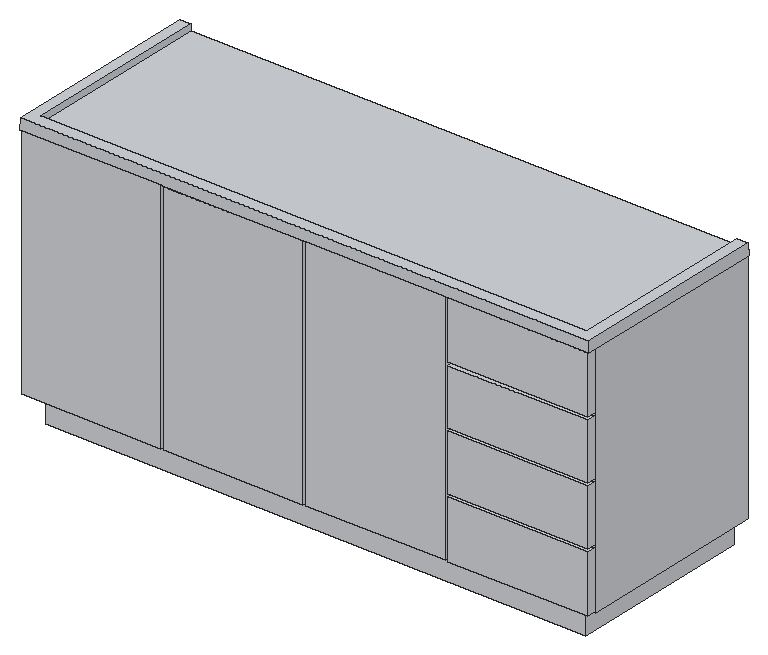
Revit family "Bancada linear básica", category Furniture, Revit 2016
Family settings
  OmniClass Number = 23.40.20.00
  OmniClass Title = General Furniture and Specialties
  Work Plane-Based = No
  Always vertical = Yes
  Cut with Voids When Loaded = No
  Shared = No
  Room Calculation Point = No
Parameters
  Profundidade = 70.00 cm
  Offset lateral da base = 5.00 cm
  Largura = 200.00 cm
  Gavetas = none
  Estrutura = none
  Espessura bancada = 2.00 cm
  Elevação da bancada = 10.00 cm
  Bancada = none
  Altura = 95.00 cm
Reference planes (cm)
  plane 1 "Centro (Frente/Trás)": y = 73.4438
  plane 2: z = 0
  plane 3 "Centro (Esquerda/Direita)": x = 0
  plane 4: x = -100
  plane 5: x = 100
  plane 6: z = 95
  plane 7: y = 43.4438
  plane 8: y = 113.4438
  plane 9: x = 50
  plane 10: x = -50
  plane 11: z = 72.25
  plane 12: z = 51.5
  plane 13: z = 30.75
  plane 14: z = 10
Forms (cm)
  Extrusion 1, solid, material <- "Bancada"
    sketch origin (0, 73.4438, 0) x (1, 0, 0) y (0, 0, 1)
      loop
        line (-100, 93) -> (100, 93) -> (100, 95) -> (-100, 95) -> (-100, 93)
    from -40 to 30
  Extrusion 2, solid, material <- "Estrutura"
    sketch origin (0, 73.4438, 0) x (1, 0, 0) y (0, 0, 1)
      loop
        line (-100, 10) -> (100, 10) -> (100, 93) -> (-100, 93) -> (-100, 10)
    from -40 to 27
  Extrusion 3, solid, material <- "Estrutura"
    sketch origin (0, 0, 0) x (1, 0, 0) y (0, 1, 0)
      loop
        line (-95, 48.4438) -> (95, 48.4438) -> (95, 113.4438) -> (-95, 113.4438) -> (-95, 48.4438)
    from 0 to 10
  Extrusion 4, solid, material <- "Gavetas"
    sketch origin (0, 73.4438, 0) x (1, 0, 0) y (0, 0, 1)
      loop
        line (-99.5, 10) -> (-50.5, 10) -> (-50.5, 93) -> (-99.5, 93) -> (-99.5, 10)
      loop
        line (-49.5, 10) -> (-0.5, 10) -> (-0.5, 93) -> (-49.5, 93) -> (-49.5, 10)
      loop
        line (0.5, 10) -> (49.5, 10) -> (49.5, 93) -> (0.5, 93) -> (0.5, 10)
      loop
        line (50.5, 93) -> (50.5, 72.75) -> (99.5, 72.75) -> (99.5, 93) -> (50.5, 93)
      loop
        line (99.5, 10) -> (99.5, 30.25) -> (50.5, 30.25) -> (50.5, 10) -> (99.5, 10)
      loop
        line (99.5, 71.75) -> (50.5, 71.75) -> (50.5, 52) -> (99.5, 52) -> (99.5, 71.75)
      loop
        line (99.5, 51) -> (50.5, 51) -> (50.5, 31.25) -> (99.5, 31.25) -> (99.5, 51)
    from 27 to 30
  Extrusion 5, solid, material <- "Bancada"
    sketch origin (0, 0, 0) x (1, 0, 0) y (0, 1, 0)
      loop
        line (-100, 43.4438) -> (100, 43.4438) -> (100, 113.4438) -> (96, 113.4438) -> (96, 47.4438) -> (-96, 47.4438) -> (-96, 113.4438) -> (-100, 113.4438) -> (-100, 43.4438)
    from 95 to 97
Cuts and joins
  joined: Extrusion 1, Extrusion 5
Dimensions and locks (cm)
  equal spacing: plane 4, plane 10, plane 3 "Centro (Esquerda/Direita)", plane 9, plane 5
  "Largura": plane 4 to plane 5
  "Altura": plane 6 to level
  "Espessura bancada": Extrusion 1 sketch curve to Extrusion 1 sketch curve
  "Profundidade": plane 8 to plane 7
  "Elevação da bancada": Extrusion 2 sketch curve to level
  "Offset lateral da base": Extrusion 3 sketch curve to plane 5
  "Offset lateral da base": plane 7 to Extrusion 3 sketch curve
  "Offset lateral da base": plane 4 to Extrusion 3 sketch curve
  locked: Extrusion 2 to plane 7 at 3
  Extrusion 4 sketch curve to plane 9 to Extrusion 4 sketch curve = 0.50 cm, 0.50 cm
  Extrusion 4 sketch curve to plane 3 "Centro (Esquerda/Direita)" to Extrusion 4 sketch curve = 0.50 cm, 0.50 cm
  Extrusion 4 sketch curve to plane 10 to Extrusion 4 sketch curve = 0.50 cm, 0.50 cm
  plane 4 to Extrusion 4 sketch curve = 0.50 cm
  plane 5 to Extrusion 4 sketch curve = 0.50 cm
  Extrusion 4 sketch curve to plane 13 to Extrusion 4 sketch curve = 0.50 cm locked, 0.50 cm locked
  Extrusion 4 sketch curve to plane 12 to Extrusion 4 sketch curve = 0.50 cm locked, 0.50 cm locked
  Extrusion 4 sketch curve to plane 11 to Extrusion 4 sketch curve = 0.50 cm locked, 0.50 cm locked
  equal spacing: Extrusion 1, plane 11, plane 12, plane 13, plane 14
  locked: Extrusion 5 sketch curve to Extrusion 1 at 4
  locked: Extrusion 1 to Extrusion 5 sketch curve at 4  (x2)
  locked: Extrusion 5 to plane 6 at 2
  aligned and locked: level to plane 2
  aligned and locked: plane 6 to Extrusion 1 sketch curve
  aligned and locked: Extrusion 1 sketch curve to plane 5
  aligned and locked: plane 4 to Extrusion 1 sketch curve
  aligned and locked: Extrusion 1 to plane 7
  aligned and locked: plane 8 to Extrusion 1
  aligned and locked: plane 4 to Extrusion 2 sketch curve
  aligned and locked: Extrusion 2 sketch curve to plane 5
  aligned and locked: Extrusion 2 sketch curve to Extrusion 1
  aligned and locked: plane 8 to Extrusion 2
  aligned and locked: plane 8 to Extrusion 3 sketch curve
  aligned and locked: Extrusion 3 to Extrusion 2
  aligned and locked: Extrusion 3 to level
  aligned and locked: Extrusion 4 sketch curve to Extrusion 1  (x4)
  aligned and locked: Extrusion 2 to Extrusion 4 sketch curve  (x4)
  aligned and locked: Extrusion 4 to Extrusion 2
  aligned and locked: Extrusion 4 to Extrusion 1
  aligned and locked: plane 14 to Extrusion 4
  aligned and locked: Extrusion 5 sketch curve to plane 5
  aligned and locked: plane 4 to Extrusion 5 sketch curve
  aligned and locked: Extrusion 5 sketch curve to plane 7
  aligned and locked: plane 8 to Extrusion 5 sketch curve
  aligned and locked: Extrusion 5 to plane 6
  aligned and locked: Extrusion 4 to cut or joined group of Extrusion 1, Extrusion 5  (x2)
  aligned and locked: Extrusion 2 to cut or joined group of Extrusion 1, Extrusion 5
Automatic sketch dimensions
  Extrusion 4 sketch curve to Extrusion 4 sketch curve = 0.00 cm  (x5)
  plane 5 to Extrusion 4 sketch curve = 0.50 cm
  Extrusion 5 sketch curve to plane 8 = 0.00 cm
